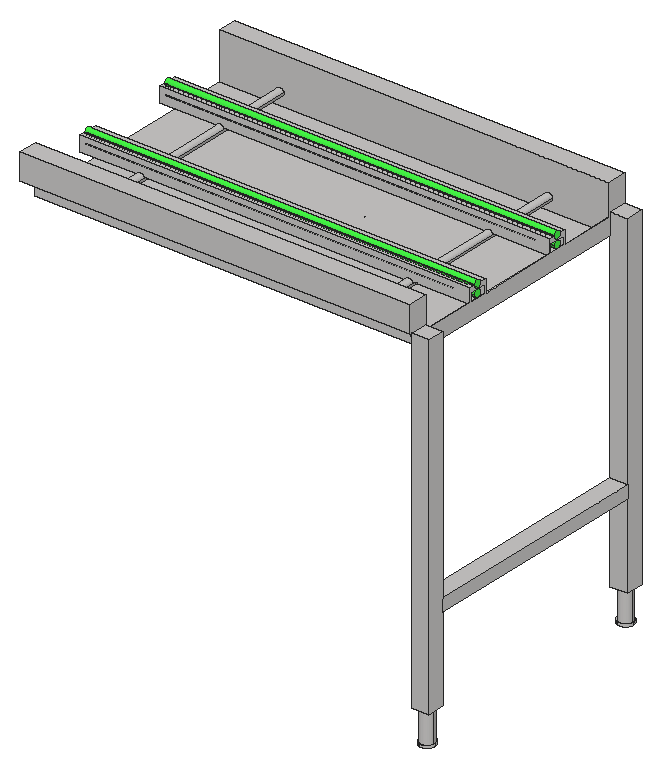
Revit family "QF_ELECTROLUXPROFESSIONAL_863147_HSBCC9", category Specialty Equipment, Revit 2018
Family settings
  Round Connector Dimension = Use Diameter
  Part Type = Normal
  Work Plane-Based = No
  Always vertical = Yes
  Cut with Voids When Loaded = No
  Shared = No
  Room Calculation Point = No
Parameters
  Weight = 0.00 kg
  Watts = 0 W
  Volts = 0 V
  URL Manufacturer = "http://professional.electrolux.com"
  URL = "http://professional.electrolux.com"
  Steam Supply Size = 0 mm
  Steam Supply Minimum Pressure = 0.0 Pa
  Steam Supply Maximum Pressure = 0.0 Pa
  Steam Pounds per Hour = 0
  Refrigeration Suction Line Size = 0 mm
  Refrigeration Liquid Line Size = 0 mm
  Refrigerant Compressor Remote = yes
  Manufacturer = "Electrolux"
  Phase = 0
  Model = "HSBCC9"
  Length Actual = 900 mm  # constant formula
  Item Number = "863147"
  Hot Water Size = 0 mm
  Height Actual = 910 mm  # constant formula
  HP = "0 HP"
  Gas Size = 0 mm
  Gas KW = 0
  Gas Input Pressure = 0 W
  Description = "CORD CONVEYOR FOR BASKETS, L=900 MM"
  Depth Actual = 620 mm  # constant formula
  Cycle = 0 Hz
  Condensate Return Size = 0 mm
  Compressed Air Volume = 0.0 L/s
  Compressed Air Size = 0 mm
  Compressed Air Pressure = 0.0 Pa
  Cold Water Size = 0 mm
  Accessory = yes
Reference planes
  plane 1 "Centro (Fronte/Retro)": y = 74.737
  plane 2: z = 0
  plane 3 "LEFT": x = -1338.761
  plane 4 "BACK": y = 384.737
  plane 5 "FRONT": y = -235.263
  plane 6: z = 910
  plane 7 "RIGHT": x = -438.761
  plane 8: x = -888.761
Forms (mm)
  Extrusion 1, solid, material "QF_Finishes_Stainless Steel"
    sketch origin (11.239, 0, 0) x (0, 1, 0) y (0, 0, 1)
      loop
        line (-235.263, 910) -> (-235.263, 850.033) -> (-190.242, 850.033) -> (-190.242, 910) -> (-235.263, 910)
      loop
        line (384.737, 910) -> (339.716, 910) -> (339.716, 850.033) -> (384.737, 850.033) -> (384.737, 910)
    from -1350 to -451.2
  Extrusion 2, solid, material "QF_Finishes_Stainless Steel"
    sketch origin (11.239, 0, 0) x (0, 1, 0) y (0, 0, 1)
      loop
        line (-191.727, 850.033) -> (-191.727, 800.081) -> (341.245, 800.081) -> (341.245, 850.033) -> (339.716, 850.033) -> (339.716, 803.081) -> (-190.242, 803.081) -> (-190.242, 850.033) -> (-191.727, 850.033)
    from -1350 to -451.2
  Extrusion 3, solid, material "QF_Finishes_Stainless Steel"
    sketch origin (1061.239, 723.253, 4000) x (0, 1, 0) y (0, 0, 1)
      loop
        line (-958.516, -3090) -> (-958.516, -3149.967) -> (-934.752, -3185.632) -> (-915.4, -3185.632) -> (-915.4, -3199.919) -> (-381.633, -3199.919) -> (-381.633, -3185.632) -> (-362.281, -3185.632) -> (-338.516, -3149.967) -> (-338.516, -3090) -> (-383.538, -3090) -> (-383.538, -3161.926) -> (-913.495, -3161.926) -> (-913.495, -3090) -> (-958.516, -3090)
    from -1500 to -1501.2
  Extrusion 4, solid, material "QF_Finishes_Stainless Steel"
    sketch origin (-1477.522, 74.737, 0) x (-1, 0, 0) y (0, 0, -1)
      loop
        line (-1079.929, -300) -> (-1039.929, -300) -> (-1039.929, -270) -> (-1079.929, -270) -> (-1079.929, -300)
    from -266.504 to 266.46
  Revolve 5, solid, material "QF_Finishes_Stainless Steel"
    sketch origin (0, 74.737, 0) x (1, 0, 0) y (0, 0, 1)
      loop
        line (-965.255, 800.081) -> (-965.255, 786.333)
        arc (-965.255, 786.333) -> (-964.651, 784.73) -> (-963.151, 783.903) r 2.474
        arc (-963.151, 783.903) -> (-959.843, 780.044) -> (-963.138, 776.173) r 3.913
        arc (-963.138, 776.173) -> (-964.648, 775.341) -> (-965.255, 773.728) r 2.49
        line (-965.255, 773.728) -> (-965.255, 733.404)
        arc (-965.255, 733.404) -> (-954.605, 702.706) -> (-927.218, 685.219) r 49.516
        line (-927.218, 685.219) -> (-927.218, 682.73) -> (-926.011, 681.079) -> (-926.011, 679.492) -> (-912.231, 673.492) -> (-912.231, 638.761) -> (-910.707, 637.3) -> (-888.761, 637.3) -> (-888.761, 800.081) -> (-965.255, 800.081)
      axis (-888.761, 800.081) -> (-888.761, 637.3)
    angle from 0 to 360
  Extrusion 6, solid, material "QF_Finishes_Stainless Steel"
    sketch origin (0, 74.737, 0) x (1, 0, 0) y (0, 0, 1)
      loop
        circle (-1198.761, 831.05) r 8.5
    from -265 to 264.979
  Extrusion 7, solid, material "QF_Finishes_Stainless Steel"
    sketch origin (2140, 74.737, 0) x (1, 0, 0) y (0, 0, 1)
      loop
        circle (-2718.761, 831.05) r 8.5
    from -265 to 265
  Extrusion 8, solid, material "QF_Finishes_Stainless Steel"
    sketch origin (-438.761, 0, 0) x (0, 1, 0) y (0, 0, 1)
      loop
        line (-62.763, 869.045) -> (-62.763, 835.05) -> (-60.363, 835.05) -> (-60.363, 857.845) -> (-19.763, 857.845) -> (-19.763, 835.05) -> (-17.763, 835.05) -> (-17.763, 869.045) -> (-30.056, 869.045) -> (-35.275, 860.005) -> (-45.251, 860.005) -> (-50.47, 869.045) -> (-62.763, 869.045)
      loop
        line (212.237, 869.045) -> (199.944, 869.045) -> (194.725, 860.005) -> (184.749, 860.005) -> (179.53, 869.045) -> (167.237, 869.045) -> (167.237, 835.05) -> (169.237, 835.05) -> (169.237, 857.845) -> (209.837, 857.845) -> (209.837, 835.05) -> (212.237, 835.05) -> (212.237, 869.045)
    from 0 to -900
  Extrusion 9, solid, material "QF_Finishes_Green"
    sketch origin (-438.761, 0, 0) x (0, 1, 0) y (0, 0, 1)
      loop
        circle (-40.263, 868.505) r 7.5
      loop
        circle (-40.263, 848.505) r 7.5
      loop
        circle (189.737, 868.505) r 7.5
      loop
        circle (189.737, 848.505) r 7.5
    from 0 to -900
Cuts and joins
  joined: Extrusion 1, Extrusion 2, Extrusion 3, Extrusion 6, Extrusion 7, Extrusion 8
Lines and regions (mm)
  Split face 1
    outline origin (-423.782, -239.063, 803.081) x (0, 1, 0) y (-1, 0, 0)
      loop
        circle (313.8, 464.979) r 3
  Split face 2
    outline origin (-423.782, -239.063, 803.081) x (0, 1, 0) y (-1, 0, 0)
      loop
        circle (313.8, 464.979) r 9
  Split face 3
    outline origin (-423.782, -239.063, 803.081) x (0, 1, 0) y (-1, 0, 0)
      loop
        circle (313.8, 464.979) r 26
  Split face 4
    outline origin (-423.782, -239.063, 803.081) x (0, 1, 0) y (-1, 0, 0)
      loop
        circle (313.8, 464.979) r 36
  Split face 5
    outline origin (-423.782, -239.063, 803.081) x (0, 1, 0) y (-1, 0, 0)
      loop
        circle (313.8, 464.979) r 53
  symbolic lines
    curve 1: line (-438.761, 384.737, 0) -> (-1338.761, 384.737, 0)
    curve 2: line (-1338.761, 384.737, 0) -> (-1338.761, -235.263, 0)
    curve 3: line (-1338.761, 339.716, 0) -> (-438.761, 339.716, 0)
    curve 4: line (-1338.761, -235.263, 0) -> (-438.761, -235.263, 0)
    curve 5: line (-438.761, -235.263, 0) -> (-438.761, 384.737, 0)
    curve 6: line (-438.761, -190.242, 0) -> (-1338.761, -190.242, 0)
    curve 7: line (-1338.761, 74.737, 0) -> (-1308.761, 74.737, 0)
    curve 8: line (-438.761, 74.737, 0) -> (-468.761, 74.737, 0)
    curve 9: circle (-888.761, 74.737, 0) r 23.47 normal (0, 0, 1)
    curve 10: line (-438.761, 212.237, 0) -> (-1338.761, 212.237, 0)
    curve 11: line (-1338.761, 167.237, 0) -> (-438.761, 167.237, 0)
    curve 12: line (-438.761, -17.763, 0) -> (-1338.761, -17.763, 0)
    curve 13: line (-1338.761, -62.763, 0) -> (-438.761, -62.763, 0)
    curve 14: line (-1338.761, -47.763, 0) -> (-438.761, -47.763, 0)
    curve 15: line (-1338.761, -32.763, 0) -> (-438.761, -32.763, 0)
    curve 16: line (-1338.761, 197.237, 0) -> (-438.761, 197.237, 0)
    curve 17: line (-1338.761, 182.237, 0) -> (-438.761, 182.237, 0)
    curve 18: line (-1207.261, 339.716, 0) -> (-1207.261, 212.237, 0)
    curve 19: line (-1190.261, 339.716, 0) -> (-1190.261, 212.237, 0)
    curve 20: line (-1190.261, 167.237, 0) -> (-1190.261, -17.763, 0)
    curve 21: line (-1207.261, 167.237, 0) -> (-1207.261, -17.763, 0)
    curve 22: line (-1207.261, -62.763, 0) -> (-1207.261, -190.242, 0)
    curve 23: line (-1190.261, -62.763, 0) -> (-1190.261, -190.242, 0)
    curve 24: line (-587.261, 339.716, 0) -> (-587.261, 212.237, 0)
    curve 25: line (-570.261, 339.716, 0) -> (-570.261, 212.237, 0)
    curve 26: line (-570.261, 167.237, 0) -> (-570.261, -17.763, 0)
    curve 27: line (-587.261, 167.237, 0) -> (-587.261, -17.763, 0)
    curve 28: line (-587.261, -62.763, 0) -> (-587.261, -190.242, 0)
    curve 29: line (-570.261, -62.763, 0) -> (-570.261, -190.242, 0)
Dimensions and locks
  plane 3 "LEFT" to plane 7 "RIGHT" = 900 mm
  equal spacing: plane 4 "BACK", plane 1 "Centro (Fronte/Retro)", plane 5 "FRONT"
  plane 4 "BACK" to plane 5 "FRONT" = 620 mm
  equal spacing: plane 3 "LEFT", plane 8, plane 7 "RIGHT"
  locked: Extrusion 6 sketch curve to plane 3 "LEFT" at 140
  locked: plane 7 "RIGHT" to Extrusion 7 sketch curve at 140
  aligned and locked: level to plane 2
  aligned and locked: curve 9 to Revolve 5
  aligned and locked: plane 8 to Split face 5  (x2)
  aligned and locked: plane 8 to Split face 4  (x2)
  aligned and locked: plane 8 to cut or joined group of Extrusion 1, Extrusion 2, Extrusion 3, Extrusion 6, Extrusion 7, Extrusion 8  (x4)
  aligned and locked: plane 8 to Split face 3  (x2)
  aligned and locked: plane 8 to Split face 2  (x2)
  aligned and locked: plane 8 to Split face 1  (x2)
  aligned and locked: Extrusion 2 to plane 3 "LEFT"
  aligned and locked: Extrusion 1 to plane 3 "LEFT"
  aligned and locked: Extrusion 8 to plane 3 "LEFT"
  aligned and locked: cut or joined group of Extrusion 1, Extrusion 2, Extrusion 3, Extrusion 6, Extrusion 7, Extrusion 8 to plane 3 "LEFT"  (x2)
  aligned and locked: plane 3 "LEFT" to curve 6
  aligned and locked: plane 3 "LEFT" to curve 4
  aligned and locked: Extrusion 9 to plane 3 "LEFT"
Automatic sketch dimensions
  Extrusion 1 sketch curve to plane 5 "FRONT" = 0 mm
  Extrusion 1 sketch curve to plane 6 = 0 mm  (x2)
  Extrusion 1 sketch curve to plane 4 "BACK" = 0 mm
  plane 5 "FRONT" to Extrusion 1 sketch curve = 45.021 mm
  Extrusion 1 sketch curve to plane 4 "BACK" = 45.021 mm
  Extrusion 1 sketch curve to Extrusion 1 sketch curve = 59.967 mm  (x2)
  plane 5 "FRONT" to Extrusion 2 sketch curve = 43.536 mm
  Extrusion 2 sketch curve to Extrusion 2 sketch curve = 1.486 mm
  Extrusion 2 sketch curve to plane 4 "BACK" = 45.021 mm
  Extrusion 2 sketch curve to Extrusion 2 sketch curve = 1.529 mm
  Extrusion 2 sketch curve to plane 6 = 109.919 mm
  Extrusion 2 sketch curve to Extrusion 2 sketch curve = 3 mm
  Extrusion 2 sketch curve to Extrusion 2 sketch curve = 46.952 mm  (x2)
  Extrusion 3 sketch curve to plane 5 "FRONT" = 0 mm
  Extrusion 3 sketch curve to plane 6 = 0 mm  (x2)
  Extrusion 3 sketch curve to plane 4 "BACK" = 0 mm
  plane 5 "FRONT" to Extrusion 3 sketch curve = 23.764 mm
  Extrusion 3 sketch curve to Extrusion 3 sketch curve = 19.352 mm  (x2)
  plane 5 "FRONT" to Extrusion 3 sketch curve = 45.021 mm
  Extrusion 3 sketch curve to plane 4 "BACK" = 45.021 mm
  Extrusion 3 sketch curve to Extrusion 3 sketch curve = 1.905 mm
  Extrusion 3 sketch curve to Extrusion 3 sketch curve = 59.967 mm  (x2)
  Extrusion 3 sketch curve to Extrusion 3 sketch curve = 11.959 mm
  Extrusion 3 sketch curve to Extrusion 3 sketch curve = 23.706 mm  (x2)
  Extrusion 3 sketch curve to Extrusion 3 sketch curve = 14.287 mm
  Extrusion 4 sketch curve to plane 7 "RIGHT" = 41.168 mm
  Extrusion 4 sketch curve to plane 7 "RIGHT" = 1.168 mm
  Extrusion 4 sketch curve to level = 270 mm
  Extrusion 4 sketch curve to Extrusion 4 sketch curve = 30 mm
  Extrusion 6 sketch curve to plane 6 = 78.95 mm
  Extrusion 7 sketch curve to plane 6 = 78.95 mm
  plane 1 "Centro (Fronte/Retro)" to Extrusion 8 sketch curve = 137.5 mm
  Extrusion 8 sketch curve to Extrusion 8 sketch curve = 2.4 mm  (x2)
  Extrusion 8 sketch curve to plane 6 = 40.955 mm  (x3)
  Extrusion 8 sketch curve to Extrusion 8 sketch curve = 12.293 mm  (x2)
  Extrusion 8 sketch curve to Extrusion 8 sketch curve = 5.219 mm  (x4)
  Extrusion 8 sketch curve to Extrusion 8 sketch curve = 9.976 mm  (x2)
  Extrusion 8 sketch curve to Extrusion 8 sketch curve = 10.293 mm
  Extrusion 8 sketch curve to Extrusion 8 sketch curve = 2 mm  (x2)
  Extrusion 8 sketch curve to plane 1 "Centro (Fronte/Retro)" = 92.5 mm
  Extrusion 8 sketch curve to plane 6 = 49.995 mm
  Extrusion 8 sketch curve to Extrusion 8 sketch curve = 9.893 mm
  Extrusion 8 sketch curve to Extrusion 8 sketch curve = 11.2 mm
  Extrusion 8 sketch curve to Extrusion 8 sketch curve = 2.16 mm
  Extrusion 8 sketch curve to Extrusion 8 sketch curve = 22.795 mm  (x4)
  Extrusion 8 sketch curve to Extrusion 8 sketch curve = 9.04 mm  (x2)
  plane 1 "Centro (Fronte/Retro)" to Extrusion 9 sketch curve = 115 mm
  Extrusion 9 sketch curve to Extrusion 9 sketch curve = 0 mm  (x2)
  Extrusion 9 sketch curve to plane 1 "Centro (Fronte/Retro)" = 115 mm
  Extrusion 9 sketch curve to plane 6 = 61.495 mm  (x2)
  Extrusion 9 sketch curve to Extrusion 9 sketch curve = 20 mm  (x2)
  plane 1 "Centro (Fronte/Retro)" to curve 7 = 0 mm
  plane 1 "Centro (Fronte/Retro)" to curve 8 = 0 mm
  curve 15 to plane 7 "RIGHT" = 0 mm
  curve 4 to plane 5 "FRONT" = 0 mm
  curve 2 to plane 4 "BACK" = 0 mm
  plane 3 "LEFT" to curve 7 = 30 mm
  curve 18 to plane 4 "BACK" = 45.021 mm
  plane 3 "LEFT" to curve 18 = 131.5 mm
  plane 5 "FRONT" to curve 22 = 45.021 mm
  plane 3 "LEFT" to curve 22 = 131.5 mm
  curve 21 to curve 18 = 0 mm
  curve 18 to curve 19 = 17 mm
  curve 21 to curve 20 = 17 mm
  curve 22 to curve 23 = 17 mm
  curve 28 to plane 7 "RIGHT" = 148.5 mm
  curve 24 to plane 7 "RIGHT" = 148.5 mm
  curve 27 to curve 28 = 0 mm
  curve 27 to curve 26 = 17 mm
  curve 24 to curve 25 = 17 mm
  curve 28 to curve 29 = 17 mm
  curve 8 to plane 7 "RIGHT" = 30 mm
  curve 13 to curve 14 = 15 mm
  curve 14 to curve 15 = 15 mm
  curve 15 to curve 12 = 15 mm
  curve 11 to curve 17 = 15 mm
  curve 16 to curve 10 = 15 mm
  Revolve 5 sketch curve to plane 8 = 0 mm  (x2)
  Revolve 5 sketch curve to Revolve 5 sketch curve = 21.946 mm
  Revolve 5 sketch curve to Revolve 5 sketch curve = 1.524 mm
  Revolve 5 sketch curve to plane 8 = 26.978 mm
  Revolve 5 sketch curve to Revolve 5 sketch curve = 13.78 mm
  Revolve 5 sketch curve to Revolve 5 sketch curve = 1.206 mm
  Revolve 5 sketch curve to Revolve 5 sketch curve = 47.026 mm
  Revolve 5 sketch curve to Revolve 5 sketch curve = 0.016 mm  (x3)
  Revolve 5 sketch curve to Revolve 5 sketch curve = 0.976 mm
  Revolve 5 sketch curve to Revolve 5 sketch curve = 2.474 mm
  Revolve 5 sketch curve to Revolve 5 sketch curve = 2.49 mm
  Revolve 5 sketch curve to Revolve 5 sketch curve = 0 mm
  Revolve 5 sketch curve to plane 6 = 272.7 mm
  Revolve 5 sketch curve to Revolve 5 sketch curve = 1.461 mm
  Revolve 5 sketch curve to Revolve 5 sketch curve = 34.731 mm
  Revolve 5 sketch curve to Revolve 5 sketch curve = 6 mm
  Revolve 5 sketch curve to Revolve 5 sketch curve = 1.588 mm
  Revolve 5 sketch curve to Revolve 5 sketch curve = 1.651 mm
  Revolve 5 sketch curve to Revolve 5 sketch curve = 2.488 mm
  Revolve 5 sketch curve to Revolve 5 sketch curve = 48.167 mm
  Revolve 5 sketch curve to Revolve 5 sketch curve = 40.307 mm
  Revolve 5 sketch curve to Revolve 5 sketch curve = 6.326 mm
  Revolve 5 sketch curve to Revolve 5 sketch curve = 6.296 mm
  Revolve 5 sketch curve to Revolve 5 sketch curve = 13.748 mm
  Revolve 5 sketch curve to Revolve 5 sketch curve = 0.373 mm
  Revolve 5 sketch curve to Revolve 5 sketch curve = 38.557 mm
  plane 6 to Revolve 5 sketch curve = 8.743 mm
  cut or joined group of Extrusion 1, Extrusion 2, Extrusion 3, Extrusion 6, Extrusion 7, Extrusion 8 to Split face 1 sketch curve = 264.979 mm
  cut or joined group of Extrusion 1, Extrusion 2, Extrusion 3, Extrusion 6, Extrusion 7, Extrusion 8 to Split face 1 sketch curve = 448.8 mm
  cut or joined group of Extrusion 1, Extrusion 2, Extrusion 3, Extrusion 6, Extrusion 7, Extrusion 8 to Split face 2 sketch curve = 264.979 mm
  cut or joined group of Extrusion 1, Extrusion 2, Extrusion 3, Extrusion 6, Extrusion 7, Extrusion 8 to Split face 2 sketch curve = 448.8 mm
  cut or joined group of Extrusion 1, Extrusion 2, Extrusion 3, Extrusion 6, Extrusion 7, Extrusion 8 to Split face 3 sketch curve = 264.979 mm
  cut or joined group of Extrusion 1, Extrusion 2, Extrusion 3, Extrusion 6, Extrusion 7, Extrusion 8 to Split face 3 sketch curve = 448.8 mm
  cut or joined group of Extrusion 1, Extrusion 2, Extrusion 3, Extrusion 6, Extrusion 7, Extrusion 8 to Split face 4 sketch curve = 264.979 mm
  cut or joined group of Extrusion 1, Extrusion 2, Extrusion 3, Extrusion 6, Extrusion 7, Extrusion 8 to Split face 4 sketch curve = 448.8 mm
  cut or joined group of Extrusion 1, Extrusion 2, Extrusion 3, Extrusion 6, Extrusion 7, Extrusion 8 to Split face 5 sketch curve = 264.979 mm
  cut or joined group of Extrusion 1, Extrusion 2, Extrusion 3, Extrusion 6, Extrusion 7, Extrusion 8 to Split face 5 sketch curve = 448.8 mm
  curve 6 to curve 13 = 127.479 mm
  curve 20 to curve 19 = 45 mm
  curve 26 to plane 1 "Centro (Fronte/Retro)" = 92.5 mm
  radius of Extrusion 6 sketch curve = 8.5 mm
  radius of Extrusion 7 sketch curve = 8.5 mm
  radius of Extrusion 9 sketch curve = 7.5 mm  (x4)
  radius of Split face 1 sketch curve = 3 mm
  radius of Split face 2 sketch curve = 9 mm
  radius of Split face 3 sketch curve = 26 mm
  radius of Split face 4 sketch curve = 36 mm
  radius of Split face 5 sketch curve = 53 mm
Nested families
  nested 1: "Foot_40x40" at (-417.593, 361.245, 0) x (-1, 0, 0) z (0, 0, 1), type "Foot_40x40"
    with A 850.033 mm
  nested 2: "Foot_40x40" at (-417.593, -211.771, 0) x (-1, 0, 0) z (0, 0, 1), type "Foot_40x40"
    with A 850.033 mm
Connectors
  piping at (-888.761, 74.737, 637.3), diameter 40
    settings: on Revolve 5, index 1, connector inside diameter 609.6 mm, connector length 0 mm, flow factor 0, pipe flow 0.0 L/s, pressure drop 0.0 Pa, fitting loss kfactor 0, connector angle 0.00°, fixture units 0, engagement length 0 mm, angle of deflection 0.00°, flow configuration 1, flow direction 2, fitting loss method 0, system type 16, joint type 0, gender type 0, connector reference index -1, connector utility 0, adjustable connector no, is connector primary yes, connector description "Drain"
Definition of nested family "Foot_40x40"
  Parameters
    A [instance] = 850 mm
  Reference planes
    plane 1 "Centro (Fronte/Retro)": y = 0
    plane 2: z = 0
    plane 3 "Centro (Sinistra/Destra)": x = 0
    plane 4: z = 850
  Forms (mm)
    Extrusion 1, solid
      sketch origin (0, 0, 0) x (1, 0, 0) y (0, 1, 0)
        loop
          circle (0, 0) r 18
      from 0 to 5
    Extrusion 2, solid
      sketch origin (0, 0, 5) x (1, 0, 0) y (0, 1, 0)
        loop
          circle (0, 0) r 15
      from 0 to 70
    Extrusion 3, solid
      sketch origin (0, 0, 75) x (1, 0, 0) y (0, 1, 0)
        loop
          line (-20, 20) -> (-20, -20) -> (20, -20) -> (20, 20) -> (-20, 20)
      from 0 to 775
  Dimensions and locks
    "A": plane 4 to plane 2
    aligned and locked: level to plane 2
    aligned and locked: plane 4 to Extrusion 3
    aligned and locked: Extrusion 1 to level
  Automatic sketch dimensions
    plane 1 "Centro (Fronte/Retro)" to Extrusion 1 sketch curve = 0 mm
    Extrusion 1 sketch curve to plane 3 "Centro (Sinistra/Destra)" = 0 mm
    Extrusion 3 sketch curve to Extrusion 3 sketch curve = 40 mm  (x2)
    radius of Extrusion 1 sketch curve = 18 mm
    radius of Extrusion 2 sketch curve to Extrusion 1 = 3 mm
